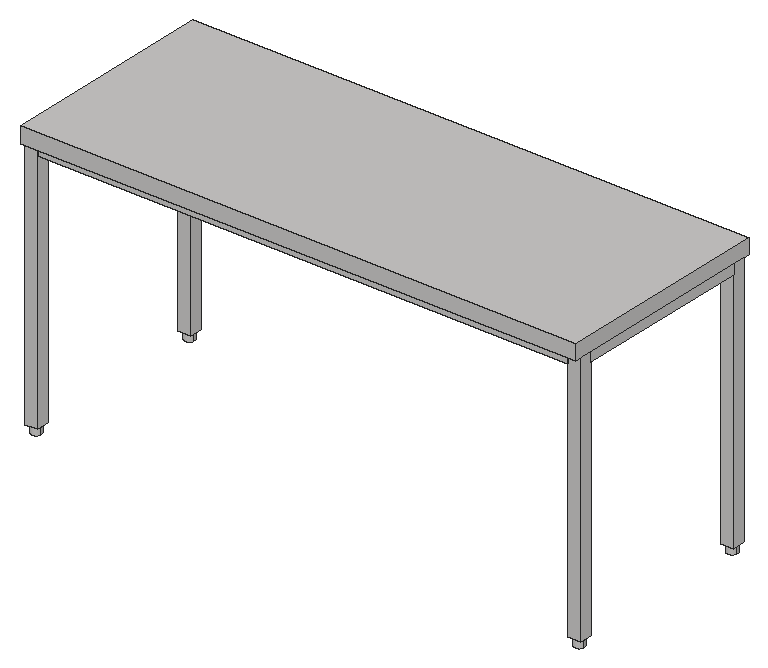
Revit family "QF_ELECTROLUXPROFESSIONAL_134008_GTG1800E", category Attrezzature speciali, Revit 2020
Family settings
  Quota connettore circolare = Usa diametro
  Tipo di parte = Normale
  Basato su piano di lavoro = No
  Sempre verticale = Sì
  Taglio con vuoti quando caricato = No
  Condiviso = No
  Punto di calcolo locali = No
Parameters (values of type "Standard")
  Weight = 50.00 kg
  Watts = 0 W
  Volts = 0 V
  URL Manufacturer = "https://www.electroluxprofessional.com/"
  URL = "https://www.electroluxprofessional.com/"
  Steam Supply Size = 0 mm
  Steam Supply Minimum Pressure = 0.0 Pa
  Steam Supply Maximum Pressure = 0.0 Pa
  Steam Consumption per Hour = 0
  Refrigeration Suction Line Size = 0.0 mm
  Refrigeration Liquid Line Size = 0.0 mm
  Refrigerant Compressor Remote = yes
  Prospetto di default = 0.0 mm
  Produttore = "Electrolux Professional"
  Phase = 0
  Modello = "GTG1800E"
  Length Actual = 1800.0 mm  # constant formula
  Item Number = "134008"
  Hot Water Size = 0 mm
  Height Actual = 900.0 mm  # constant formula
  HP = "0 HP"
  Gas Size = 0 mm
  Gas KW = 0
  Gas Input Pressure = 0 W
  Direct Waste Size = 0 mm
  Descrizione = "WORK TABLE 1800 MM"
  Depth Actual = 700.0 mm  # constant formula
  Cycle = 0 Hz
  Condensate Return Size = 0 mm
  Compressed Air Volume = 0.0 L/s
  Compressed Air Size = 0 mm
  Compressed Air Pressure = 0.0 Pa
  Cold Water Size = 0 mm
  Accessory = yes
Reference planes
  plane 1 "Center (Front/Back)": y = 0
  plane 2: z = 0
  plane 3 "Center (Left/Right)": x = -400
  plane 4 "LEFT": x = -1300
  plane 5 "RIGHT": x = 500
  plane 6 "BACK": y = 350
  plane 7 "FRONT": y = -350
  plane 8 "Base": z = 850
  plane 9 "TOP": z = 900
  plane 10: x = -1280
  plane 11: x = 480
  plane 12: y = 310
  plane 13: y = -310
  plane 14 "TRAVERSI": z = 820
  plane 15: x = -1260
  plane 16: x = 460
  plane 17: y = 290
  plane 18: y = -290
  plane 19: y = 330
  plane 20: y = -330
Forms (mm)
  Extrusion 1, solid, material "QF_Finishes_Stainless Steel"
    sketch origin (-400, 0, 0) x (0, 1, 0) y (0, 0, 1)
      loop
        line (-350, 850) -> (350, 850) -> (350, 900) -> (-350, 900) -> (-350, 850)
    from 900 to -900
  Extrusion 2, solid, material "QF_Finishes_Stainless Steel"
    sketch origin (0, 0, 820) x (0, 1, 0) y (-1, 0, 0)
      loop
        line (290, -460) -> (-290, -460) -> (-290, -500) -> (290, -500) -> (290, -460)
      loop
        line (290, 1300) -> (-290, 1300) -> (-290, 1260) -> (290, 1260) -> (290, 1300)
    from 0 to 30
  Extrusion 3, solid, material "QF_Finishes_Stainless Steel"
    sketch origin (0, 0, 820) x (0, 1, 0) y (-1, 0, 0)
      loop
        line (330, -460) -> (330, 1260) -> (290, 1260) -> (290, -460) -> (330, -460)
      loop
        line (-290, 1260) -> (-330, 1260) -> (-330, -460) -> (-290, -460) -> (-290, 1260)
    from 0 to 30
Lines and regions (mm)
  symbolic lines
    curve 1: line (500, 350, 900) -> (-1300, 350, 900)
    curve 2: line (-1300, 350, 900) -> (-1300, -350, 900)
    curve 3: line (-1300, -350, 900) -> (500, -350, 900)
    curve 4: line (500, -350, 900) -> (500, 350, 900)
Dimensions and locks
  plane 4 "LEFT" to plane 5 "RIGHT" = 1800.0 mm
  equal spacing: plane 4 "LEFT", plane 3 "Center (Left/Right)", plane 5 "RIGHT"
  locked: plane 8 "Base" to level at 850
  plane 4 "LEFT" to plane 10 = 20.0 mm
  plane 11 to plane 5 "RIGHT" = 20.0 mm
  plane 10 to plane 11 = 1760.0 mm
  locked: plane 9 "TOP" to level at 900
  plane 6 "BACK" to plane 12 = 40.0 mm
  plane 13 to plane 7 "FRONT" = 40.0 mm
  plane 6 "BACK" to plane 7 "FRONT" = 700.0 mm
  plane 12 to plane 13 = 620.0 mm
  equal spacing: plane 6 "BACK", plane 1 "Center (Front/Back)", plane 7 "FRONT"
  plane 8 "Base" to plane 14 "TRAVERSI" = 30.0 mm
  locked: plane 10 to plane 15 at 20
  locked: plane 16 to plane 11 at 20
  locked: plane 19 to plane 12 at 20
  locked: plane 12 to plane 17 at 20
  locked: plane 18 to plane 13 at 20
  locked: plane 13 to plane 20 at 20
  aligned and locked: level to plane 2
  aligned and locked: plane 10 to nested 1
  aligned and locked: nested 1 to plane 13
  aligned and locked: plane 11 to nested 2
  aligned and locked: nested 2 to plane 13
  aligned and locked: plane 11 to nested 4
  aligned and locked: nested 4 to plane 12
  aligned and locked: plane 10 to nested 3
  aligned and locked: nested 3 to plane 12
  aligned and locked: Extrusion 1 to plane 4 "LEFT"
  aligned and locked: plane 5 "RIGHT" to Extrusion 1
  aligned and locked: curve 2 to plane 4 "LEFT"
  aligned and locked: Extrusion 2 sketch curve to plane 5 "RIGHT"
  aligned and locked: Extrusion 2 sketch curve to plane 17  (x2)
  aligned and locked: plane 16 to Extrusion 2 sketch curve
  aligned and locked: plane 18 to Extrusion 2 sketch curve  (x2)
  aligned and locked: plane 4 "LEFT" to Extrusion 2 sketch curve
  aligned and locked: Extrusion 2 sketch curve to plane 15
  aligned and locked: plane 19 to Extrusion 3 sketch curve
  aligned and locked: Extrusion 3 sketch curve to plane 17
  aligned and locked: Extrusion 3 sketch curve to plane 18
  aligned and locked: plane 20 to Extrusion 3 sketch curve
  aligned and locked: Extrusion 3 sketch curve to plane 15
  aligned and locked: plane 15 to Extrusion 3 sketch curve
  aligned and locked: plane 16 to Extrusion 3 sketch curve
  aligned and locked: Extrusion 3 sketch curve to plane 16
Automatic sketch dimensions
  Extrusion 1 sketch curve to plane 7 "FRONT" = 0.0 mm
  Extrusion 1 sketch curve to plane 8 "Base" = 0.0 mm
  curve 3 to plane 7 "FRONT" = 0.0 mm
  curve 4 to plane 6 "BACK" = 0.0 mm
  Extrusion 1 sketch curve to plane 9 "TOP" = 0.0 mm
  Extrusion 1 sketch curve to plane 6 "BACK" = 0.0 mm
  curve 4 to plane 5 "RIGHT" = 0.0 mm
Nested families
  nested 1: "FEET_40x40_R" at (-1280, -310, 0), type "FEET_40x40_R"
  nested 2: "FEET_40x40_R" at (480, -310, 0), type "FEET_40x40_R"
  nested 3: "FEET_40x40_R" at (-1280, 310, 0), type "FEET_40x40_R"
  nested 4: "FEET_40x40_R" at (480, 310, 0), type "FEET_40x40_R"
Definition of nested family "FEET_40x40_R"
  Parameters
    Default Elevation = 0.0 mm
    FEET = 850.0 mm
  Reference planes
    plane 1 "Center (Front/Back)": y = 0
    plane 2: z = 0
    plane 3 "Center (Left/Right)": x = 0
    plane 4: z = 850
  Forms (mm)
    Extrusion 1, solid
      sketch origin (0, 0, 0) x (1, 0, 0) y (0, 1, 0)
        loop
          line (-20, -20) -> (20, -20) -> (20, 20) -> (-20, 20) -> (-20, -20)
      from 25 to 850
    Extrusion 2, solid
      sketch origin (0, 0, 0) x (1, 0, 0) y (0, 1, 0)
        loop
          circle (0, 0) r 16
      from 0 to 25
  Lines and regions (mm)
    symbolic lines
      curve 1: line (0, -1.503, 0) -> (0, 1.508, 0)
      curve 2: line (1.561, 0, 0) -> (-1.439, 0, 0)
  Dimensions and locks
    "FEET": plane 4 to plane 2
    aligned and locked: level to plane 2
  Automatic sketch dimensions
    Extrusion 1 sketch curve to plane 3 "Center (Left/Right)" = 20.0 mm
    plane 3 "Center (Left/Right)" to Extrusion 1 sketch curve = 20.0 mm
    plane 1 "Center (Front/Back)" to Extrusion 1 sketch curve = 20.0 mm
    Extrusion 1 sketch curve to plane 1 "Center (Front/Back)" = 20.0 mm
    plane 1 "Center (Front/Back)" to Extrusion 2 sketch curve = 0.0 mm
    Extrusion 2 sketch curve to plane 3 "Center (Left/Right)" = 0.0 mm
    plane 1 "Center (Front/Back)" to curve 2 = 0.0 mm
    curve 1 to plane 3 "Center (Left/Right)" = 0.0 mm
    curve 2 to plane 3 "Center (Left/Right)" = 1.439 mm
    plane 3 "Center (Left/Right)" to curve 2 = 1.561 mm
    plane 1 "Center (Front/Back)" to curve 1 = 1.503 mm
    curve 1 to plane 1 "Center (Front/Back)" = 1.508 mm
    radius of Extrusion 2 sketch curve = 16.0 mm
